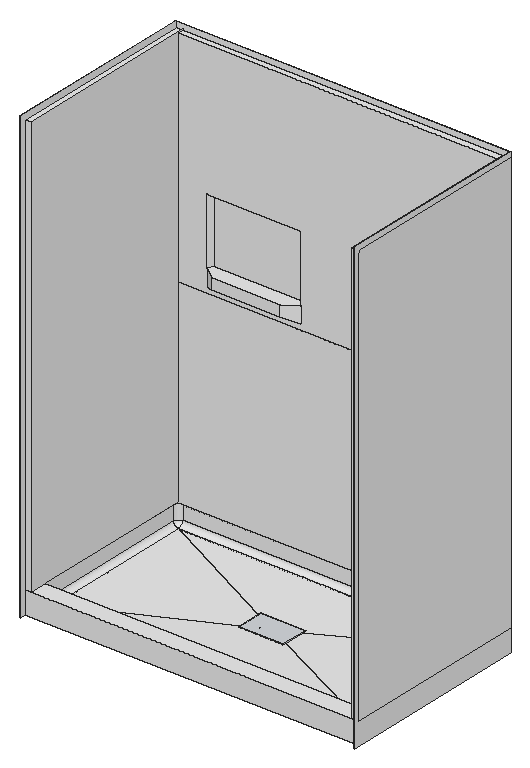
Revit family "5LBS6034SQ.V2", category Plumbing Fixtures, Revit 2019
Family settings
  Round Connector Dimension = Use Diameter
  Part Type = Normal
  OmniClass Number = 23.45.05.14.17
  OmniClass Title = Showers
  Work Plane-Based = No
  Always vertical = Yes
  Cut with Voids When Loaded = No
  Shared = No
  Room Calculation Point = No
Parameters (values of type "5LBS6034SQ.V2")
  Unit Width = 60"
  Unit Height = 80 1/2"
  Unit Depth = 35"
  URL = "http://www.bestbath.com/"
  Type Comments = "Remodeler"
  Model = "5LBS6034SQ.V2"
  Material [instance] = Best Bath Gelcoat Fiberglass - Smooth
  Manufacturer = "Best Bath Systems, Inc."
  Keynote = "22 40 00.B3"
  Description = "Diamond Tile Finish"
  Assembly Code = "D2010710"
Reference planes (in)
  plane 1 "Back": y = -0.5
  plane 2: z = 0
  plane 3 "Left": x = 0
  plane 4: x = 60
  plane 5: z = 4
  plane 6: x = 30
  plane 7: y = 33.5
  plane 8: y = 17.5
  plane 9: x = 1.25
  plane 10: x = 58.75
  plane 11: y = 32.25
  plane 12: z = 0.625
  plane 13: z = 0.25
  plane 14: y = -1.5
  plane 15: z = 5
  plane 16: z = 39.5
  plane 17: z = 43.5
  plane 18: z = 80.5
Forms (in)
  Extrusion 1, solid, material "Best Bath Gelcoat Fiberglass - Smooth"
    sketch origin (0, 0, 0) x (1, 0, 0) y (0, 1, 0)
      loop
        line (0, -0.5) -> (1.25, -0.5) -> (1.25, 31.25)
        arc (1.25, 31.25) -> (1.54289, 31.95711) -> (2.25, 32.25) r 1
        line (2.25, 32.25) -> (57.75, 32.25)
        arc (57.75, 32.25) -> (58.45711, 31.95711) -> (58.75, 31.25) r 1
        line (58.75, 31.25) -> (58.75, -0.5) -> (60, -0.5) -> (60, 33.5) -> (0, 33.5) -> (0, -0.5)
    from 0 to 4
  Extrusion 2, solid, material "Best Bath Gelcoat Fiberglass - Smooth"
    sketch origin (0, 0, 0) x (1, 0, 0) y (0, 1, 0)
      loop
        line (0, -0.5) -> (60, -0.5) -> (60, 33.5) -> (0, 33.5) -> (0, -0.5)
    from 0 to 0.625
  Sweep 3, solid, material "Best Bath Gelcoat Fiberglass - Smooth"
    path origin (0, 0, 0) x (1, 0, 0) y (0, 1, 0)
      loop
        line (58.75, -0.5) -> (58.75, 31.25)
        arc (58.75, 31.25) -> (58.45711, 31.95711) -> (57.75, 32.25) r 1
        line (57.75, 32.25) -> (2.25, 32.25)
        arc (2.25, 32.25) -> (1.54289, 31.95711) -> (1.25, 31.25) r 1
        line (1.25, 31.25) -> (1.25, -0.5)
    profile origin (1.25, 15.375, 0) x (1, 0, 0) y (0, 0, 1)
      loop
        line (0, 0.625) -> (0.9, 0.625)
        arc (0.9, 0.625) -> (0.2636, 0.8886) -> (0, 1.525) r 0.9
        line (0, 1.525) -> (0, 0.625)
  Blend 4, void
    base sketch origin (0, 0, 0) x (1, 0, 0) y (0, 1, 0)
      loop
        line (2.25, 3.5147) -> (57.75, 3.5147) -> (57.75, 31.25) -> (2.25, 31.25) -> (2.25, 3.5147)
    top sketch origin (0, 0, 0) x (1, 0, 0) y (0, 1, 0)
      loop
        circle (30, 17.5) r 0.10467
    from 0.625 to 0.25
  Sweep 5, solid, material "Best Bath Gelcoat Fiberglass - Smooth"
    path origin (0, 0, 0) x (1, 0, 0) y (0, 1, 0)
      loop
        line (1.25, -0.5) -> (58.75, -0.5)
    profile origin (30, -0.5, 0) x (0, 1, 0) y (0, 0, 1)
      loop
        line (0, 4) -> (0, 0) -> (4.11592, 0) -> (3.00305, 4) -> (0, 4)
  Extrusion 6, solid, material "Best Bath Gelcoat Fiberglass - Smooth"
    sketch origin (0, 0, 0) x (1, 0, 0) y (0, 1, 0)
      loop
        line (0, -1.5) -> (0.125, -1.5) -> (0.125, 33.375) -> (59.875, 33.375) -> (59.875, -1.5) -> (60, -1.5) -> (60, 33.5) -> (0, 33.5) -> (0, -1.5)
    from 5 to 80.5
  Extrusion 7, void
    sketch origin (0, 6, 0.625) x (0, 1, 0) y (1, 0, 0)
      loop
        line (14, 26) -> (14, 34) -> (9, 34) -> (9, 26) -> (14, 26)
    from 0 to 0.5
  Extrusion 8, void
    sketch origin (0, -4, 0.625) x (0, 1, 0) y (1, 0, 0)
      loop
        circle (21.5, 30) r 1.75
    from 0 to 1.25
  Extrusion 9, solid
    sketch origin (0.25, 2, 0.125) x (0, 1, 0) y (-1, 0, 0)
      loop
        line (18, -25.75) -> (13, -25.75) -> (13, -33.75) -> (18, -33.75) -> (18, -25.75)
    from 0 to 0.25
  Extrusion 10, solid, material "Best Bath Gelcoat Fiberglass - Smooth"
    sketch origin (0, -0.86165, 0) x (1, 0, 0) y (0, 1, 0)
      loop
        line (1.25, 34.36165) -> (1.25, 33.11165) -> (58.75, 33.11165) -> (58.75, 34.36165) -> (1.25, 34.36165)
    from 4 to 39.5
  Extrusion 11, solid, material "Best Bath Gelcoat Fiberglass - Smooth"
    sketch origin (0, -0.86165, 0) x (1, 0, 0) y (0, 1, 0)
      loop
        line (1.25, 33.11165) -> (58.75, 33.11165) -> (58.75, 34.36165) -> (1.25, 34.36165) -> (1.25, 33.11165)
    from 39.5 to 79.5
  Extrusion 12, solid, material "Best Bath Gelcoat Fiberglass - Smooth"
    sketch origin (0.25, -0.86165, 0) x (1, 0, 0) y (0, 1, 0)
      loop
        line (-0.25, 0.36165) -> (1, 0.36165) -> (1, 34.36165) -> (-0.25, 34.36165) -> (-0.25, 0.36165)
      loop
        line (59.75, 0.36165) -> (59.75, 34.36165) -> (58.5, 34.36165) -> (58.5, 0.36165) -> (59.75, 0.36165)
    from 4 to 79.5
  Blend 13, solid, material "Best Bath Gelcoat Fiberglass - Smooth"
    base sketch origin (-32.5625, -38.86165, -0.375) x (1, 0, 0) y (0, 0, 1)
      loop
        line (56, 43.875) -> (39, 43.875) -> (39, 40.875) -> (56, 40.875) -> (56, 43.875)
    top sketch origin (-32.5625, -38.86165, -0.375) x (1, 0, 0) y (0, 0, 1)
      loop
        line (41.375, 43.875) -> (41.375, 42) -> (53.625, 42) -> (53.625, 43.875) -> (41.375, 43.875)
    from -71.11165 to -69.36165
  Blend 14, void
    base sketch origin (-32.5625, -39.36165, -0.375) x (1, 0, 0) y (0, 0, 1)
      loop
        line (39, 43.875) -> (56, 43.875) -> (56, 55.875) -> (39, 55.875) -> (39, 43.875)
    top sketch origin (-32.5625, -39.36165, -0.375) x (1, 0, 0) y (0, 0, 1)
      loop
        line (40, 43.875) -> (55, 43.875) -> (55, 54.875) -> (40, 54.875) -> (40, 43.875)
    from -71.61165 to -73.86165
  Extrusion 15, solid, material "Best Bath Gelcoat Fiberglass - Smooth"
    sketch origin (0, 0, 0) x (1, 0, 0) y (0, 1, 0)
      loop
        line (0, 33.5) -> (0, -1.5) -> (0.125, -1.5) -> (0.125, 33.375) -> (59.875, 33.375) -> (59.875, -1.5) -> (60, -1.5) -> (60, 33.5) -> (0, 33.5)
    from 0 to 5
  Blend 16, solid, material "Best Bath Gelcoat Fiberglass - Smooth"
    base sketch origin (92.5625, -38.86165, -0.375) x (-1, 0, 0) y (0, 0, -1)
      loop
        line (56, -43.875) -> (56, -40.875) -> (39, -40.875) -> (39, -43.875) -> (56, -43.875)
    top sketch origin (92.5625, -38.86165, -0.375) x (-1, 0, 0) y (0, 0, -1)
      loop
        line (41.375, -43.875) -> (53.625, -43.875) -> (53.625, -42) -> (41.375, -42) -> (41.375, -43.875)
    from -71.11165 to -69.36165
  Blend 17, void
    base sketch origin (92.5625, -39.36165, -0.375) x (-1, 0, 0) y (0, 0, -1)
      loop
        line (39, -43.875) -> (39, -55.875) -> (56, -55.875) -> (56, -43.875) -> (39, -43.875)
    top sketch origin (92.5625, -39.36165, -0.375) x (-1, 0, 0) y (0, 0, -1)
      loop
        line (40, -43.875) -> (40, -54.875) -> (55, -54.875) -> (55, -43.875) -> (40, -43.875)
    from -71.61165 to -73.86165
Cuts and joins
  Blend 4, Extrusion 7, Extrusion 8 cuts Extrusion 1
  Blend 4, Extrusion 7, Extrusion 8 cuts Extrusion 2
  Blend 4, Extrusion 7, Extrusion 8 cuts Sweep 3
  Extrusion 7, Extrusion 8 cuts Sweep 5
  Extrusion 7, Extrusion 8 cuts Extrusion 6
  joined: Extrusion 1, Extrusion 2, Sweep 3, Sweep 5, Extrusion 6, Extrusion 15
  Blend 14, Blend 17 cuts Extrusion 11
  joined: Extrusion 11, Blend 13, Blend 16
Dimensions and locks (in)
  "Unit Width": plane 3 "Left" to plane 4
  plane 3 "Left" to plane 6 to plane 4 = 30", 30"
  locked: plane 7 to plane 11 at 1.25
  locked: plane 10 to plane 4 at 1.25
  locked: plane 3 "Left" to plane 9 at 1.25
  locked: plane 7 to plane 8 at 16
  locked: plane 12 to plane 13 at 0.375
  locked: plane 12 to level at 0.625
  locked: plane 14 to plane 1 "Back" at 1
  "Unit Depth": plane 7 to plane 14
  "Unit Height": plane 18 to level
  locked: plane 16 to plane 5 at 35.5
  locked: plane 17 to plane 5 at 39.5
  locked: plane 17 to Blend 16 sketch curve at 3
  locked: plane 17 to Blend 13 sketch curve at 3
  cut or joined group of Extrusion 11, Blend 13, Blend 14, Blend 16, Blend 17 to cut or joined group of Extrusion 11, Blend 13, Blend 14, Blend 16, Blend 17 = 3"  (x2)
  cut or joined group of Extrusion 11, Blend 13, Blend 14, Blend 16, Blend 17 to cut or joined group of Extrusion 11, Blend 13, Blend 14, Blend 16, Blend 17 = 1"  (x2)
  aligned and locked: level to plane 2
  aligned and locked: Sweep 3 to plane 12
  aligned and locked: Sweep 3 sketch curve to plane 12
  aligned and locked: Extrusion 2 to plane 12
  aligned and locked: plane 8 to Blend 4 sketch curve
  aligned and locked: plane 6 to Blend 4 sketch curve
  aligned and locked: Extrusion 2 to Blend 4
  aligned and locked: Blend 4 to plane 13
  aligned and locked: plane 5 to Extrusion 1
  aligned and locked: plane 5 to Sweep 5
  aligned and locked: Extrusion 9 to cut or joined group 1 (Extrusion 1, Extrusion 2, Sweep 3, Blend 4, Sweep 5, Extrusion 6, Extrusion 7, Extrusion 8, Extrusion 15)  (x3)
  aligned and locked: cut or joined group 1 to Extrusion 9
  aligned and locked: Extrusion 11 to Extrusion 10
  aligned and locked: Extrusion 15 to Extrusion 6
  aligned and locked: plane 18 to Extrusion 6
  aligned and locked: Blend 14 sketch curve to plane 17  (x2)
  aligned and locked: Extrusion 10 to Extrusion 11
  aligned and locked: Extrusion 11 to plane 16
  aligned and locked: plane 11 to Blend 13
  aligned and locked: Blend 14 to plane 11
  aligned and locked: plane 11 to Blend 16
  aligned and locked: Blend 17 to plane 11
  aligned and locked: cut or joined group 1 to Blend 14
  aligned and locked: Extrusion 11 sketch curve to plane 11
  aligned and locked: plane 7 to Extrusion 11 sketch curve
  aligned and locked: Extrusion 11 to cut or joined group 1
  aligned and locked: Extrusion 10 to cut or joined group 1
  aligned and locked: cut or joined group 1 to Extrusion 11
Automatic sketch dimensions
  Extrusion 1 sketch curve to plane 3 "Left" = 0"
  Extrusion 1 sketch curve to plane 9 = 0"
  Extrusion 1 sketch curve to plane 11 = 0"
  plane 1 "Back" to Extrusion 1 sketch curve = 0"  (x2)
  Extrusion 1 sketch curve to plane 10 = 0"
  Extrusion 1 sketch curve to plane 4 = 0"
  Extrusion 1 sketch curve to plane 7 = 0"
  plane 9 to Extrusion 1 sketch curve = 1"
  Extrusion 1 sketch curve to plane 10 = 1"
  Extrusion 2 sketch curve to plane 3 "Left" = 0"
  Extrusion 2 sketch curve to plane 4 = 0"
  plane 1 "Back" to Extrusion 2 sketch curve = 0"
  Extrusion 2 sketch curve to plane 7 = 0"
  plane 1 "Back" to Sweep 3 sketch curve = 0"  (x2)
  Sweep 3 sketch curve to plane 9 = 0"
  Sweep 3 sketch curve to plane 11 = 0"
  Sweep 3 sketch curve to plane 10 = 0"
  plane 9 to Sweep 3 sketch curve = 1"
  Sweep 3 sketch curve to Sweep 3 sketch curve = 1"
  profile plane to Sweep 3 sketch curve = 0"
  Sweep 3 sketch curve to profile plane = 0.9"
  plane 9 to Blend 4 sketch curve = 1"
  Blend 4 sketch curve to plane 10 = 1"
  Blend 4 sketch curve to plane 1 "Back" = 4.0147"
  Blend 4 sketch curve to plane 11 = 1"
  plane 1 "Back" to Sweep 5 sketch curve = 0"
  Sweep 5 sketch curve to plane 9 = 0"
  Sweep 5 sketch curve to plane 10 = 0"
  Sweep 5 sketch curve to level = 0"
  Sweep 5 sketch curve to profile plane = 0"
  Sweep 5 sketch curve to Sweep 5 sketch curve = 3.00305"
  Sweep 5 sketch curve to Sweep 5 sketch curve = 4.11592"
  level to Sweep 5 sketch curve = 4"
  Extrusion 6 sketch curve to plane 3 "Left" = 0"
  Extrusion 6 sketch curve to plane 14 = 0"  (x2)
  Extrusion 6 sketch curve to plane 4 = 0"
  Extrusion 6 sketch curve to plane 7 = 0"
  plane 3 "Left" to Extrusion 6 sketch curve = 1/8"
  plane 4 to Extrusion 6 sketch curve = 1/8"
  Extrusion 6 sketch curve to plane 7 = 1/8"
  Extrusion 7 sketch curve to Extrusion 2 = 15 1/2"
  Extrusion 7 sketch curve to Extrusion 7 sketch curve = 5"
  Extrusion 7 sketch curve to Extrusion 2 = 26"
  Extrusion 7 sketch curve to Extrusion 7 sketch curve = 8"
  Extrusion 8 sketch curve to Extrusion 2 = 16"
  Extrusion 8 sketch curve to Extrusion 2 = 30"
  Extrusion 9 sketch curve to Extrusion 7 = 0"  (x4)
  Extrusion 10 sketch curve to plane 11 = 0"
  Extrusion 10 sketch curve to plane 7 = 0"
  plane 9 to Extrusion 10 sketch curve = 0"
  Extrusion 10 sketch curve to plane 10 = 0"
  Extrusion 12 sketch curve to plane 3 "Left" = 0"
  plane 1 "Back" to Extrusion 12 sketch curve = 0"  (x2)
  Extrusion 12 sketch curve to plane 9 = 0"
  Extrusion 12 sketch curve to plane 4 = 0"
  Blend 13 sketch curve to plane 17 = 0"  (x2)
  plane 9 to Blend 13 sketch curve = 5 3/16"
  plane 6 to Blend 13 sketch curve = 6 9/16"
  Blend 13 sketch curve to plane 17 = 1 7/8"
  plane 9 to Blend 13 sketch curve = 7 9/16"
  plane 6 to Blend 13 sketch curve = 8 15/16"
  plane 9 to Blend 14 sketch curve = 5 3/16"
  plane 6 to Blend 14 sketch curve = 6 9/16"
  Blend 14 sketch curve to Blend 14 sketch curve = 12"
  plane 9 to Blend 14 sketch curve = 6 3/16"
  plane 6 to Blend 14 sketch curve = 7 9/16"
  Blend 14 sketch curve to Blend 14 sketch curve = 11"
  Extrusion 15 sketch curve to plane 3 "Left" = 0"
  Extrusion 15 sketch curve to plane 14 = 0"  (x2)
  Extrusion 15 sketch curve to plane 4 = 0"
  Extrusion 15 sketch curve to plane 7 = 0"
  plane 3 "Left" to Extrusion 15 sketch curve = 1/8"
  plane 4 to Extrusion 15 sketch curve = 1/8"
  Extrusion 15 sketch curve to plane 7 = 1/8"
  Blend 16 sketch curve to plane 17 = 0"  (x2)
  Blend 16 sketch curve to plane 10 = 5 3/16"
  Blend 16 sketch curve to plane 6 = 6 9/16"
  Blend 16 sketch curve to plane 17 = 1 7/8"
  Blend 16 sketch curve to plane 10 = 7 9/16"
  Blend 16 sketch curve to plane 6 = 8 15/16"
  Blend 17 sketch curve to plane 17 = 0"  (x2)
  Blend 17 sketch curve to plane 10 = 5 3/16"
  Blend 17 sketch curve to plane 6 = 6 9/16"
  Blend 17 sketch curve to Blend 17 sketch curve = 12"
  Blend 17 sketch curve to plane 10 = 6 3/16"
  Blend 17 sketch curve to plane 6 = 7 9/16"
  Blend 17 sketch curve to Blend 17 sketch curve = 11"
  plane 9 to Extrusion 11 sketch curve = 0"
  Extrusion 11 sketch curve to plane 10 = 0"
  Extrusion 12 sketch curve to plane 7 = 0"  (x2)
  Extrusion 12 sketch curve to plane 10 = 0"
  radius of Blend 4 sketch curve = 0.10467"
  radius of Extrusion 8 sketch curve = 1 3/4"
